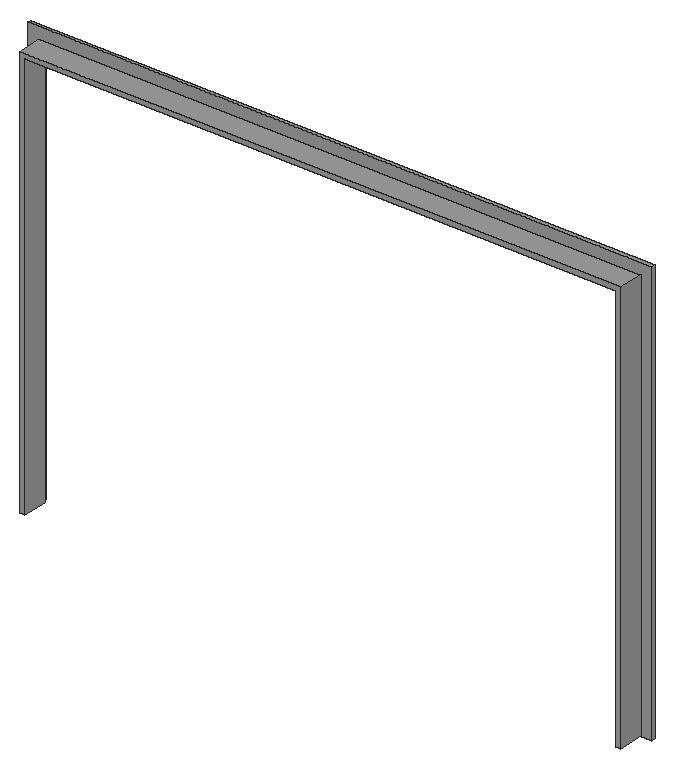
Revit family "MW - Opening", category Doors, host Wall, Revit 2019
Family settings
  Host = Wall
  Always vertical = Yes
  Cut with Voids When Loaded = No
  Shared = No
  Room Calculation Point = No
Parameters (values of type "120" X 80"")
  Type Comments = ""
  Thickness = 0' - 1 3/8"
  Tag # = 0
  Rough Width = Width + 0' 2"  # 10' - 0"
  Rough Height = 6' - 10 1/2"
  JAMB STUD = ""
  JACK STUD = ""
  ID Tag = "1"
  HEADER = ""
  Function = Interior
  Frame Width = 0' - 3"
  Door sweep [instance] = 45.00°
  Description = "MW Opening"
  DESCRIPTION = ""
  Assembly Code = "C1020"
  Frame Material = Door - Frame
  Height = 6' - 10 1/2"
  Wall Closure = By host
  Width = 9' - 10"
  Analytic Construction = "<None>"
Types (9): name | Rough Width | Rough Height | Height | Width
  30" X 80" | 2' - 8" | 6' - 10 1/2" | 6' - 10 1/2" | 2' - 6"
  24" X 80" | 2' - 2" | 6' - 10 1/2" | 6' - 10 1/2" | 2' - 0"
  36" X 80" | 3' - 2" | 6' - 10 1/2" | 6' - 10 1/2" | 3' - 0"
  120" X 80" | 10' - 0" | 6' - 10 1/2" | 6' - 10 1/2" | 9' - 10"
  72" X 80" | 6' - 2" | 6' - 10 1/2" | 6' - 10 1/2" | 6' - 0"
  60" X 80" | 5' - 2" | 6' - 8 1/2" | 6' - 8" | 5' - 0"
  36" x 80" V2 | 3' - 2" | 6' - 8" | 6' - 8" | 3' - 0"
  30" x 96" V2 | 2' - 8" | 8' - 0" | 8' - 0" | 2' - 6"
  30" x 96" V2 2 | 5' - 9 1/2" | 8' - 0" | 8' - 0" | 5' - 7 1/2"
Reference planes (in)
  plane 1: y = 0
  plane 2: z = 0
  plane 3: x = 0.52168
  plane 4 "Left": x = -58.47832
  plane 5: x = 59.52168
  plane 6: z = 82.5
  plane 7 "EXT FACE": y = -1
  plane 8 "INT FACE": y = 3
  plane 9 "Doorknob": x = -55.97832
  plane 10 "Right": x = 59.52168
  plane 11: z = 81.5
  plane 12: y = -2
Forms (in)
  Extrusion 1, solid, material "Door - Frame", not visible
    sketch origin (-60, 2.75, 0) x (1, 0, 0) y (0, 0, 1)
      loop
        line (78.3125, 80) -> (78.3125, 0) -> (81.3125, 0) -> (81.3125, 83) -> (38.6875, 83) -> (38.6875, 0) -> (41.6875, 0) -> (41.6875, 80) -> (78.3125, 80)
    from 0 to 0.5
  Sweep 2, solid, material "Door - Frame"
    path origin (0, 3, 0) x (1, 0, 0) y (0, 0, 1)
      loop
        line (59.52168, 0) -> (59.52168, 81.5) -> (-58.47832, 81.5) -> (-58.47832, 0)
    profile origin (59.52168, 3, 40.75) x (-1, 0, 0) y (0, -1, 0)
      loop
        line (0, 0) -> (0, 5) -> (-1, 5) -> (-1, 0) -> (0, 0)
  Sweep 3, solid, material "Door - Frame"
    path origin (0, 3, 0) x (1, 0, 0) y (0, 0, 1)
      loop
        line (-58.47832, 0) -> (-58.47832, 81.5) -> (59.52168, 81.5) -> (59.52168, 0)
    profile origin (-58.47832, 3, 40.75) x (-1, 0, 0) y (0, -1, 0)
      loop
        line (0.3125, 0) -> (0.3125, -0.625) -> (3.3125, -0.625) -> (3.3125, 0) -> (0.3125, 0)
Lines and regions (in)
  Opening 1
    outline origin (-60, -1, 144) x (0, 0, -1) y (1, 0, 0)
      loop
        line (61.5, 0.52168) -> (144, 0.52168) -> (144, 120.52168) -> (61.5, 120.52168) -> (61.5, 0.52168)
Dimensions and locks (in)
  equal spacing: plane 4 "Left", plane 3, plane 5
  "Width": plane 4 "Left" to plane 5
  "Width": plane 4 "Left" to plane 10 "Right"
  "Rough Height": plane 6 to level
  locked: plane 4 "Left" to plane 9 "Doorknob" at 2.5
  locked: plane 6 to plane 11 at 1
  locked: Sweep 3 sketch curve to Sweep 2 at 0.3125
  locked: plane 7 "EXT FACE" to plane 12 at 1
  "Frame Width": Sweep 3 sketch curve to Sweep 3 sketch curve
  aligned and locked: plane 7 "EXT FACE" to host wall
  aligned and locked: plane 8 "INT FACE" to host wall
  aligned and locked: plane 4 "Left" to Sweep 2 sketch curve
  aligned and locked: Sweep 2 sketch curve to plane 11
  aligned and locked: Sweep 2 sketch curve to plane 5
  aligned and locked: Sweep 2 sketch curve to host wall
  aligned and locked: Sweep 2 sketch curve to plane 12
Automatic sketch dimensions
  Extrusion 1 sketch curve to Extrusion 1 sketch curve = 0' - 3"  (x3)
  Extrusion 1 sketch curve to Extrusion 1 sketch curve = 3' - 0 5/8"
  Extrusion 1 sketch curve to Extrusion 1 sketch curve = 0' - 0"
  Extrusion 1 sketch curve to Extrusion 1 sketch curve = 6' - 8"
  Opening 1 sketch curve to plane 6 = 0' - 0"
  Opening 1 sketch curve to level = 0' - 0"
  plane 4 "Left" to Opening 1 sketch curve = 0' - 1"
  plane 5 to Opening 1 sketch curve = 0' - 1"
  Sweep 2 sketch curve to level = 0' - 0"  (x2)
  Sweep 2 sketch curve to profile plane = 0' - 0"
  Sweep 3 sketch curve to plane 4 "Left" = 0' - 0"
  Sweep 3 sketch curve to plane 5 = 0' - 0"
  Sweep 3 sketch curve to level = 0' - 0"  (x2)
  Sweep 3 sketch curve to plane 11 = 0' - 0"
  profile plane to Sweep 2 sketch curve = 0' - 1"
  plane 8 "INT FACE" to Sweep 3 sketch curve = 0' - 0"
  Sweep 3 sketch curve to Sweep 3 sketch curve = 0' - 0 5/8"
